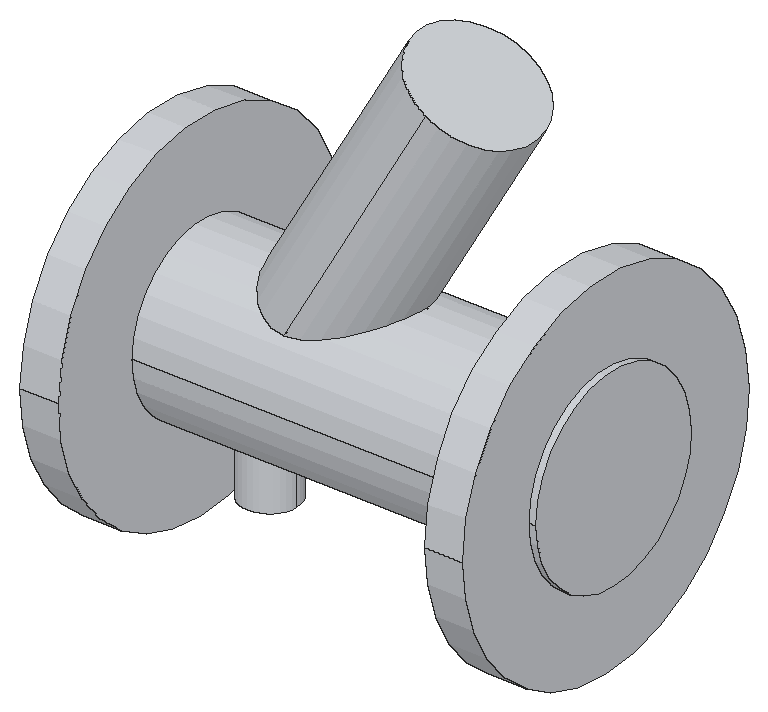
Revit family "HS 821-síto_jemné-PN16-DN032-RFA_2019", category Pipe Accessories, Revit 2019
Family settings
  Round Connector Dimension = Use Diameter
  Part Type = Breaks Into
  Work Plane-Based = No
  Always vertical = Yes
  Cut with Voids When Loaded = No
  Shared = No
Parameters (values of type "821A-DN032-PN16-síto_jemné")
  magiProductId = "227a0d18b21540afabe8b6067d35fa"
  magiProductFamilyId = "79214ac3aaa945e397802f559f5c1e"
  magiPartTypeId = 307
  isMeasuringValve [instance] = no
  ang2D [instance] = 0.00°
  ZB__ve = -ZB  # -23 mm
  ZB1 = 30.78 mm
  ZB = 23 mm
  X2 = 68.849 mm
  X1 = 25.2 mm
  W2D = 15 mm
  VersionID = "2.0/2017.9.26.1/ZETKAMA_821_001"
  Use Minimum Symbol Size [instance] = yes
  URL = "www.hydronix.cz"
  Type Comments = "Filtr přírubový; síto jemné; A-PN16 (-10~300°C); D-PN25 (-10~350°C); F-PN40 (-10~400°C)"
  S = 76 mm
  QmdConnectorList = "301;D;302;D"
  Productdata [instance] = ""
  Manufacturer = "Hydronix"
  MC Product Code = "210 132 (821A; DN032; PN16; kvs23,1; oko síta 0,63mm)"
  LM1 = 14.4 mm
  LM = 144 mm
  L4 = 45 mm
  L2D_Min = 3048 mm
  L2D = 130 mm
  L2 = 90 mm
  HH2 = 119.25 mm
  FD = 140 mm
  Description = "Filtr přírubový; síto jemné; 821A-PN16; 821D-PN25; 821F-PN40"
  DM1 = 50.4 mm
  DM = 68.4 mm
  D = 32 mm
  CC = 3.06 mm
  CAT0 = yes
  C1 = 14.94 mm
  C = 18 mm
  BD = 21.546 mm
Types (40, lengths in mm): name | magiProductId | ZB__ve | ZB1 | ZB | X2 | X1 | S | MC Product Code | LM1 | LM | L4 | L2 | HH2 | FD | DM1 | DM | D | CC | C1 | C | BD
  821A-DN015-PN16-síto_jemné | "a71bcfe8b393460598b23e8ddf7dc5" | -16.25 | 18.63 | 16.25 | 46.982 | 18.2 | 46 | "210 115 (821A; DN015; PN16; kvs6,2; oko síta 0,63mm)" | 10.4 | 104 | 32.5 | 65 | 81.375 | 95 | 27.6 | 41.4 | 15 | 2.21 | 10.79 | 13 | 13.041
  821A-DN020-PN16-síto_jemné | "41cd6c7a12924f4991217528336076" | -17.75 | 22.68 | 17.75 | 51.673 | 21 | 56 | "210 120 (821A; DN020; PN16; kvs9,6; oko síta 0,63mm)" | 12 | 120 | 37.5 | 75 | 89.5 | 105 | 33.6 | 50.4 | 20 | 2.55 | 12.45 | 15 | 15.876
  821A-DN025-PN16-síto_jemné | "be378b463ed14c3abf4c9b3ae8cf3a" | -19.25 | 26.325 | 19.25 | 58.601 | 22.4 | 65 | "210 125 (821A; DN025; PN16; kvs14,2; oko síta 0,63mm)" | 12.8 | 128 | 40 | 80 | 101.5 | 115 | 43.2 | 58.5 | 25 | 2.72 | 13.28 | 16 | 18.427
  821A-DN032-PN16-síto_jemné | "227a0d18b21540afabe8b6067d35fa" | -23 | 30.78 | 23 | 68.849 | 25.2 | 76 | "210 132 (821A; DN032; PN16; kvs23,1; oko síta 0,63mm)" | 14.4 | 144 | 45 | 90 | 119.25 | 140 | 50.4 | 68.4 | 32 | 3.06 | 14.94 | 18 | 21.546
  821A-DN040-PN16-síto_jemné | "d106917c74724141a10440112d0102" | -24.5 | 34.02 | 24.5 | 75.777 | 28 | 84 | "210 140 (821A; DN040; PN16; kvs36,6; oko síta 0,63mm)" | 16 | 160 | 50 | 100 | 131.25 | 150 | 60 | 75.6 | 40 | 3.4 | 16.6 | 20 | 23.814
  821A-DN050-PN16-síto_jemné | "8255d456a09e4f6486734f5dd9171b" | -26.75 | 40.095 | 26.75 | 79.061 | 32.2 | 99 | "210 150 (821A; DN050 PN16; kvs53,7; oko síta 0,63mm)" | 18.4 | 184 | 57.5 | 115 | 136.938 | 165 | 73.8 | 89.1 | 50 | 3.91 | 19.09 | 23 | 28.066
  821A-DN065-PN16-síto_jemné | "235b1b3e4c0843779a4d5e3716d40a" | -29.75 | 47.79 | 29.75 | 86.927 | 40.6 | 118 | "210 165 (821A; DN065; PN16; kvs95,1; oko síta 0,63mm)" | 23.2 | 232 | 72.5 | 145 | 150.562 | 185 | 94.2 | 106.2 | 65 | 4.93 | 24.07 | 29 | 33.453
  821A-DN080-PN16-síto_jemné | "a067f7c5236348ed8c820d16df7214" | -32 | 53.46 | 32 | 104.753 | 43.4 | 132 | "210 180 (821A; DN080; PN16; kvs137,1; oko síta 0,63mm)" | 24.8 | 248 | 77.5 | 155 | 181.438 | 200 | 107.4 | 118.8 | 80 | 5.27 | 25.73 | 31 | 37.422
  821A-DN100-PN16-síto_jemné | "c49a648c2747461285837d643703cd" | -35 | 63.18 | 35 | 114.857 | 49 | 156 | "210 190 (821A; DN100; PN16; kvs206,4; oko síta 0,63mm)" | 28 | 280 | 87.5 | 175 | 198.937 | 220 | 131.4 | 140.4 | 100 | 5.95 | 29.05 | 35 | 44.226
  821A-DN125-PN16-síto_jemné | "bf68e728a163493cbd2a663b26ebdc" | -39.5 | 74.52 | 39.5 | 131.888 | 56 | 184 | "210 191 (821A; DN125; PN16; kvs268,8; oko síta 0,63mm)" | 32 | 320 | 100 | 200 | 228.438 | 250 | 165 | 165.6 | 125 | 6.8 | 33.2 | 40 | 52.164
  821A-DN150-PN16-síto_jemné | "2de770284b654863ae6bc865769dc5" | -44.75 | 85.455 | 44.75 | 155.885 | 67.2 | 211 | "210 192 (821A; DN150; PN16; kvs401,4; oko síta 0,63mm)" | 38.4 | 384 | 120 | 240 | 270 | 285 | 192 | 189.9 | 150 | 8.16 | 39.84 | 48 | 59.818
  821A-DN200-PN16-síto_jemné | "8e5693371ab64aabb29a7f08c76e15" | -53 | 107.73 | 53 | 188.361 | 84 | 266 | "210 193 (821A; DN200; PN16; kvs706,7; oko síta 0,63mm)" | 48 | 480 | 150 | 300 | 326.25 | 340 | 252 | 239.4 | 200 | 10.2 | 49.8 | 60 | 75.411
  821A-DN250-PN16-síto_jemné | "05e37ed948c34047acdd4c42556504" | -62.75 | 129.195 | 62.75 | 255.911 | 102.2 | 319 | "210 194 (821A; DN250; PN16; kvs1229,4; oko síta 0,63mm)" | 58.4 | 584 | 182.5 | 365 | 443.25 | 405 | 309.6 | 287.1 | 250 | 12.41 | 60.59 | 73 | 90.436
  821A-DN300-PN16-síto_jemné | "9ad0af747269428da925480d83ce80" | -71 | 149.85 | 71 | 325.914 | 119 | 370 | "210 195 (821A; DN300; PN16; kvs1902,4; oko síta 0,63mm)" | 68 | 680 | 212.5 | 425 | 564.5 | 460 | 369.6 | 333 | 300 | 14.45 | 70.55 | 85 | 104.895
  821A-DN350-PN16-síto_jemné | "eebc71459bb3451bb4355e7951370a" | -80 | 173.745 | 80 | 356.875 | 137.2 | 429 | "200 196 (821A; DN350; PN16; kvs2611,0; oko síta 0,63mm)" | 78.4 | 784 | 245 | 490 | 618.125 | 520 | 438 | 386.1 | 350 | 16.66 | 81.34 | 98 | 121.621
  821A-DN400-PN16-síto_jemné | "d2f677cb196647e385b2590e7d8abe" | -89 | 194.4 | 89 | 392.237 | 154 | 480 | "210 197 (821A; DN400; PN16; kvs3438,4; oko síta 0,63mm)" | 88 | 880 | 275 | 550 | 679.375 | 580 | 498 | 432 | 400 | 18.7 | 91.3 | 110 | 136.08
  821D-DN015-PN25-síto_jemné | "27ddcbf555414f8ca1fde329bf9087" | -16.25 | 18.63 | 16.25 | 46.982 | 18.2 | 46 | "210 215 (821D; DN015; PN25; kvs6,2; oko síta 0,63mm)" | 10.4 | 104 | 32.5 | 65 | 81.375 | 95 | 27.6 | 41.4 | 15 | 2.21 | 10.79 | 13 | 13.041
  821D-DN020-PN25-síto_jemné | "270e0f14012f47189cd0235c18faee" | -17.75 | 22.68 | 17.75 | 51.673 | 21 | 56 | "210 220 (821D; DN020; PN25; kvs9,6; oko síta 0,63mm)" | 12 | 120 | 37.5 | 75 | 89.5 | 105 | 33.6 | 50.4 | 20 | 2.55 | 12.45 | 15 | 15.876
  821D-DN025-PN25-síto_jemné | "b9a7fb4aa36643878c637d8e1ab992" | -19.25 | 26.325 | 19.25 | 58.601 | 22.4 | 65 | "210 225 (821D; DN025; PN25; kvs14,2; oko síta 0,63mm)" | 12.8 | 128 | 40 | 80 | 101.5 | 115 | 43.2 | 58.5 | 25 | 2.72 | 13.28 | 16 | 18.427
  821D-DN032-PN25-síto_jemné | "6be9a55c4e68400f94eec7e804204c" | -23 | 30.78 | 23 | 68.849 | 25.2 | 76 | "210 232 (821D; DN032; PN25; kvs23,1; oko síta 0,63mm)" | 14.4 | 144 | 45 | 90 | 119.25 | 140 | 50.4 | 68.4 | 32 | 3.06 | 14.94 | 18 | 21.546
  821D-DN040-PN25-síto_jemné | "c54511bd7f584ec2984291479612cb" | -24.5 | 34.02 | 24.5 | 75.777 | 28 | 84 | "210 240 (821D; DN040; PN25; kvs36,6; oko síta 0,63mm)" | 16 | 160 | 50 | 100 | 131.25 | 150 | 60 | 75.6 | 40 | 3.4 | 16.6 | 20 | 23.814
  821D-DN050-PN25-síto_jemné | "5483b1f596b04cd39b23a14a22c90e" | -26.75 | 40.095 | 26.75 | 79.061 | 32.2 | 99 | "210 250 (821D; DN050; PN25; kvs53,7; oko síta 0,63mm)" | 18.4 | 184 | 57.5 | 115 | 136.938 | 165 | 73.8 | 89.1 | 50 | 3.91 | 19.09 | 23 | 28.066
  821D-DN065-PN25-síto_jemné | "767b0f8318e94750bc7a9930ed5b30" | -29.75 | 47.79 | 29.75 | 86.927 | 40.6 | 118 | "210 265 (821D; DN065; PN25; kvs95,1; oko síta 0,63mm)" | 23.2 | 232 | 72.5 | 145 | 150.562 | 185 | 94.2 | 106.2 | 65 | 4.93 | 24.07 | 29 | 33.453
  821D-DN080-PN25-síto_jemné | "e21040fa3cc2404b858198f6b73709" | -32 | 53.46 | 32 | 104.753 | 43.4 | 132 | "210 280 (821D; DN080; PN25; kvs137,1; oko síta 0,63mm)" | 24.8 | 248 | 77.5 | 155 | 181.438 | 200 | 107.4 | 118.8 | 80 | 5.27 | 25.73 | 31 | 37.422
  821D-DN100-PN25-síto_jemné | "175ca87a506b40b3bc6b82f12f33cf" | -37.25 | 63.18 | 37.25 | 114.857 | 49 | 156 | "210 290 (821D; DN100; PN25; kvs206,4; oko síta 0,63mm)" | 28 | 280 | 87.5 | 175 | 198.937 | 235 | 131.4 | 140.4 | 100 | 5.95 | 29.05 | 35 | 44.226
  821D-DN125-PN25-síto_jemné | "77cc98d60da24855999a22dff726b2" | -42.5 | 74.52 | 42.5 | 131.888 | 56 | 184 | "210 291 (821D; DN125; PN25; kvs268,8; oko síta 0,63mm)" | 32 | 320 | 100 | 200 | 228.438 | 270 | 165 | 165.6 | 125 | 6.8 | 33.2 | 40 | 52.164
  821D-DN150-PN25-síto_jemné | "9cf8acfcd15547d68e83172d3abcbe" | -47 | 85.455 | 47 | 155.885 | 67.2 | 211 | "210 292 (821D; DN150; PN25; kvs401,4; oko síta 0,63mm)" | 38.4 | 384 | 120 | 240 | 270 | 300 | 192 | 189.9 | 150 | 8.16 | 39.84 | 48 | 59.818
  821D-DN200-PN25-síto_jemné | "16973f3c9ea14389ba8602495a6b64" | -56 | 110.97 | 56 | 188.361 | 84 | 274 | "210 293 (821D; DN200; PN25; kvs706,7; oko síta 0,63mm)" | 48 | 480 | 150 | 300 | 326.25 | 360 | 252 | 246.6 | 200 | 10.2 | 49.8 | 60 | 77.679
  821F-DN015-PN40-síto_jemné | "4c7eaf3c4c0340888b3e684d8a8616" | -16.25 | 18.225 | 16.25 | 46.982 | 18.2 | 45 | "250 615 (821F; DN015; PN40; kvs6,2; oko síta 0,63mm)" | 10.4 | 104 | 32.5 | 65 | 81.375 | 95 | 27.6 | 40.5 | 15 | 2.21 | 10.79 | 13 | 12.757
  821F-DN020-PN40-síto_jemné | "aaac5f1ec96b44d6ba96ac2293d66d" | -17.75 | 23.49 | 17.75 | 51.673 | 21 | 58 | "250 620 (821F; DN020; PN40; kvs9,6; oko síta 0,63mm)" | 12 | 120 | 37.5 | 75 | 89.5 | 105 | 33.6 | 52.2 | 20 | 2.55 | 12.45 | 15 | 16.443
  821F-DN025-PN40-síto_jemné | "504768023968471481789485b54c7e" | -19.25 | 27.54 | 19.25 | 58.601 | 22.4 | 68 | "250 625 (821F; DN025; PN40; kvs14,2; oko síta 0,63mm)" | 12.8 | 128 | 40 | 80 | 101.5 | 115 | 43.2 | 61.2 | 25 | 2.72 | 13.28 | 16 | 19.278
  821F-DN032-PN40-síto_jemné | "165e7f39cf744f329bdf1c400dad12" | -23 | 31.59 | 23 | 68.849 | 25.2 | 78 | "250 632 (821F; DN032; PN40; kvs23,1; oko síta 0,63mm)" | 14.4 | 144 | 45 | 90 | 119.25 | 140 | 50.4 | 70.2 | 32 | 3.06 | 14.94 | 18 | 22.113
  821F-DN040-PN40-síto_jemné | "b8903f952089408fbf3a5a632bab1f" | -24.5 | 35.64 | 24.5 | 75.777 | 28 | 88 | "250 640 (821F; DN040; PN40; kvs36,6; oko síta 0,63mm)" | 16 | 160 | 50 | 100 | 131.25 | 150 | 60 | 79.2 | 40 | 3.4 | 16.6 | 20 | 24.948
  821F-DN050-PN40-síto_jemné | "c451f97266fe48da8f879cb6a2bd44" | -26.75 | 41.31 | 26.75 | 79.061 | 32.2 | 102 | "250 650 (821F; DN050; PN40; kvs53,7; oko síta 0,63mm)" | 18.4 | 184 | 57.5 | 115 | 136.938 | 165 | 73.8 | 91.8 | 50 | 3.91 | 19.09 | 23 | 28.917
  821F-DN065-PN40-síto_jemné | "dc9821e3f9b34e128f6a8c6b34c198" | -29.75 | 49.41 | 29.75 | 86.927 | 40.6 | 122 | "250 665 (821F; DN065; PN40; kvs95,1; oko síta 0,63mm)" | 23.2 | 232 | 72.5 | 145 | 150.562 | 185 | 94.2 | 109.8 | 65 | 4.93 | 24.07 | 29 | 34.587
  821F-DN080-PN40-síto_jemné | "689aa1e260f84cf4994f027a1d86b5" | -32 | 55.89 | 32 | 104.753 | 43.4 | 138 | "250 680 (821F; DN080; PN40; kvs137,1; oko síta 0,63mm)" | 24.8 | 248 | 77.5 | 155 | 181.438 | 200 | 107.4 | 124.2 | 80 | 5.27 | 25.73 | 31 | 39.123
  821F-DN100-PN40-síto_jemné | "8a45d4e8e2ab425f8c432f21d684f3" | -37.25 | 65.61 | 37.25 | 114.857 | 49 | 162 | "250 690 (821F; DN100; PN40; kvs206,4; oko síta 0,63mm)" | 28 | 280 | 87.5 | 175 | 198.937 | 235 | 131.4 | 145.8 | 100 | 5.95 | 29.05 | 35 | 45.927
  821F-DN125-PN40-síto_jemné | "cf073904c006406b8645afa67ea2fc" | -42.5 | 76.14 | 42.5 | 131.888 | 56 | 188 | "250 691 (821F; DN125; PN40; kvs268,8; oko síta 0,63mm)" | 32 | 320 | 100 | 200 | 228.438 | 270 | 165 | 169.2 | 125 | 6.8 | 33.2 | 40 | 53.298
  821F-DN150-PN40-síto_jemné | "0153b9ddabe14992a630484929fdbc" | -47 | 88.29 | 47 | 155.885 | 67.2 | 218 | "250 692 (821F; DN150; PN40; kvs401,4; oko síta 0,63mm)" | 38.4 | 384 | 120 | 240 | 270 | 300 | 192 | 196.2 | 150 | 8.16 | 39.84 | 48 | 61.803
  821F-DN200-PN40-síto_jemné | "7fb3fc01dd8d42428c203e3f8dd4d5" | -56 | 115.425 | 56 | 188.361 | 84 | 285 | "250 693 (821F; DN200; PN40; kvs706,7; oko síta 0,63mm)" | 48 | 480 | 150 | 300 | 326.25 | 360 | 252 | 256.5 | 200 | 10.2 | 49.8 | 60 | 80.797
Reference planes
  plane 1 "Center (Front/Back)": y = 0
  plane 2 "XYPLANE": z = 0
  plane 3 "Center (Left/Right)": x = 0
  plane 4 "109": x = -57.6
  plane 5 "108": x = 72
  plane 6 "107": x = -72
  plane 7 "105": x = 90
  plane 8 "104": x = -90
  plane 9 "103": y = 0
  plane 10 "102": z = 0
  plane 11 "101": x = -86.94
  plane 12 "100": x = 86.94
  plane 13 "11": x = -32.4
  plane 14 "10": z = 119.25
  plane 15 "9": x = 36.449
  plane 16 "5": z = -30.78
  plane 17 "4": x = -45
  plane 18 "1": x = 45
Forms (mm)
  Extrusion 1, solid, visible <- "CAT0"
    sketch origin (-72, -750, 0) x (0, 1, 0) y (0, 0, 1)
      loop
        circle (750, 0) r 34.2
    from 0 to 144 <- "LM"
  Extrusion 2, solid
    sketch origin (-90, -750, 0) x (0, 1, 0) y (0, 0, 1)
      loop
        circle (750, 0) r 38
    from 0 to 3.06 <- "CC"
  Extrusion 3, solid
    sketch origin (-86.94, -750, 0) x (0, 1, 0) y (0, 0, 1)
      loop
        circle (750, 0) r 70
    from 0 to 14.94 <- "C1"
  Extrusion 4, solid
    sketch origin (72, -750, 0) x (0, 1, 0) y (0, 0, 1)
      loop
        circle (750, 0) r 70
    from 0 to 14.94 <- "C1"
  Extrusion 5, solid
    sketch origin (86.94, -750, 0) x (0, 1, 0) y (0, 0, 1)
      loop
        circle (750, 0) r 38
    from 0 to 3.06 <- "CC"
  Sweep 6, solid, visible <- "CAT0"
    path origin (750, 0, 0) x (-1, 0, 0) y (0, 0, 1)
      loop
        line (822, 0) -> (782.4, 0) -> (713.551, 119.25)
    profile origin (-72, 0, 0) x (0, 0, -1) y (0, 1, 0)
      loop
        circle (0, 0) r 25.2
  Extrusion 7, solid, visible <- "CAT0"
    sketch origin (-750, 0, -30.78) x (1, 0, 0) y (0, 1, 0)
      loop
        circle (705, 0) r 10.773
    from 0 to -23 <- "ZB__ve"
  Extrusion 8, solid, visible <- "CAT0"
    sketch origin (-750, 0, -30.78) x (1, 0, 0) y (0, 1, 0)
      loop
        circle (795, 0) r 10.773
    from 0 to -23 <- "ZB__ve"
  Extrusion 9, solid, not visible
    sketch origin (90, -750, 0) x (0, 1, 0) y (0, 0, 1)
      loop
        circle (750, 0) r 10
    from 0 to -10
  Extrusion 10, solid, not visible
    sketch origin (-90, -750, 0) x (0, 1, 0) y (0, 0, 1)
      loop
        circle (750, 0) r 10
    from 0 to 10
Lines and regions (mm)
  reference lines, not visible
    curve 1: circle (2, 2, 0) r 1 normal (0, 0, 1)
Dimensions and locks
  plane 1 "Center (Front/Back)" to curve 1 = 2 mm
  "LM1": plane 6 "107" to plane 4 "109"
  "LM": plane 6 "107" to plane 5 "108"
  "C": plane 8 "104" to plane 6 "107"
  "L2": plane 3 "Center (Left/Right)" to plane 7 "105"
  "L2": plane 3 "Center (Left/Right)" to plane 8 "104"
  locked: plane 1 "Center (Front/Back)" to plane 9 "103"
  locked: plane 2 "XYPLANE" to plane 10 "102"
  "CC": plane 8 "104" to plane 11 "101"
  "C1": plane 5 "108" to plane 12 "100"
  "X1": plane 4 "109" to plane 13 "11"
  "HH2": plane 2 "XYPLANE" to plane 14 "10"
  "X2": plane 13 "11" to plane 15 "9"
  "ZB1": plane 2 "XYPLANE" to plane 16 "5"
  "L4": plane 8 "104" to plane 17 "4"
  "L2": plane 17 "4" to plane 18 "1"
  Sweep 6 sketch curve to Sweep 6 sketch curve = 0 mm  (x2)
  "DM": diameter of Extrusion 1 sketch curve
  "S": diameter of Extrusion 2 sketch curve
  "FD": diameter of Extrusion 3 sketch curve
  "FD": diameter of Extrusion 4 sketch curve
  "S": diameter of Extrusion 5 sketch curve
  "DM1": diameter of Sweep 6 sketch curve
  "BD": diameter of Extrusion 7 sketch curve
  "BD": diameter of Extrusion 8 sketch curve
  aligned and locked: level to plane 2 "XYPLANE"
  aligned and locked: Extrusion 1 sketch curve to plane 9 "103"
  aligned and locked: plane 10 "102" to Extrusion 1 sketch curve
  aligned and locked: Extrusion 2 sketch curve to plane 9 "103"
  aligned and locked: plane 10 "102" to Extrusion 2 sketch curve
  aligned and locked: Extrusion 3 sketch curve to plane 9 "103"
  aligned and locked: plane 10 "102" to Extrusion 3 sketch curve
  aligned and locked: Extrusion 4 sketch curve to plane 9 "103"
  aligned and locked: plane 10 "102" to Extrusion 4 sketch curve
  aligned and locked: Extrusion 5 sketch curve to plane 9 "103"
  aligned and locked: plane 10 "102" to Extrusion 5 sketch curve
  aligned and locked: Sweep 6 sketch curve to plane 9 "103"
  aligned and locked: plane 10 "102" to Sweep 6 sketch curve  (x3)
  aligned and locked: plane 6 "107" to Sweep 6 sketch curve
  aligned and locked: plane 13 "11" to Sweep 6 sketch curve
  aligned and locked: plane 14 "10" to Sweep 6 sketch curve
  aligned and locked: plane 15 "9" to Sweep 6 sketch curve
  aligned and locked: plane 9 "103" to Extrusion 7 sketch curve
  aligned and locked: plane 17 "4" to Extrusion 7 sketch curve
  aligned and locked: plane 9 "103" to Extrusion 8 sketch curve
  aligned and locked: plane 18 "1" to Extrusion 8 sketch curve
  aligned and locked: Extrusion 9 sketch curve to plane 9 "103"
  aligned and locked: plane 10 "102" to Extrusion 9 sketch curve
  aligned and locked: Extrusion 10 sketch curve to plane 9 "103"
  aligned and locked: plane 10 "102" to Extrusion 10 sketch curve
Automatic sketch dimensions
  plane 1 "Center (Front/Back)" to Extrusion 9 sketch curve = 10 mm
  plane 1 "Center (Front/Back)" to Extrusion 10 sketch curve = 10 mm
  plane 3 "Center (Left/Right)" to curve 1 = 2 mm
  radius of curve 1 = 1 mm
Connectors
  piping at (-90, 0, 0), diameter 32, driven by "D"
    settings: on Extrusion 10, index 1, connector inside diameter 609.6 mm, connector length 0 mm, flow factor 0, pipe flow 0.0 L/s, pressure drop 0.0 Pa, fitting loss kfactor 0, connector angle 0.00°, fixture units 0, engagement length 0 mm, angle of deflection 0.00°, flow configuration 0, flow direction 0, fitting loss method 0, system type 29, joint type 0, gender type 0, connector reference index 2, connector utility 0, adjustable connector no, is connector primary yes, connector description ""
  piping at (90, 0, 0), diameter 32, driven by "D"
    settings: on Extrusion 9, index 2, connector inside diameter 609.6 mm, connector length 0 mm, flow factor 0, pipe flow 0.0 L/s, pressure drop 0.0 Pa, fitting loss kfactor 0, connector angle 0.00°, fixture units 0, engagement length 0 mm, angle of deflection 0.00°, flow configuration 0, flow direction 0, fitting loss method 0, system type 29, joint type 0, gender type 0, connector reference index 1, connector utility 0, adjustable connector no, is connector primary no, connector description ""
